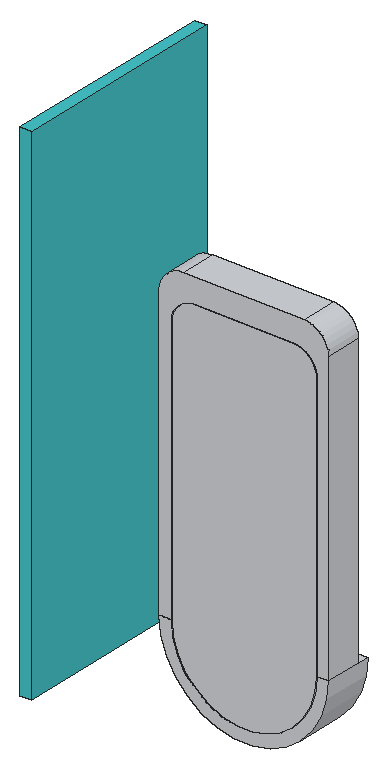
Revit family "Urinal Screen-3D w Urinal", category Specialty Equipment, host Wall, Revit 2021
Family settings
  Host = Wall
  Round Connector Dimension = Use Diameter
  Part Type = Normal
  Always vertical = Yes
  Cut with Voids When Loaded = No
  Shared = Yes
  Room Calculation Point = No
Parameters (values of type "36" O.C.")
  Toilet Partition Material = Toilet Partition
  O.C. = 3' - 0"
  Depth = 1' - 6"
  Default Elevation = 0' - 0"
  Assembly Code = "C1030100"
Reference planes (in)
  plane 1: y = 0
  plane 2 "Center (Left/Right)": x = 0
  plane 3 "Back": y = 3
  plane 4: x = 36
  plane 5: y = 21
  plane 6: x = -0.5
  plane 7: x = 0.5
  plane 8: z = 14
  plane 9: z = 56
  plane 10: x = 18
Forms (in)
  Extrusion 1, solid, material "Toilet Partition" <- "Toilet Partition Material"
    sketch origin (0, 3, 0) x (1, 0, 0) y (0, 0, 1)
      loop
        line (0.5, 56) -> (-0.5, 56) -> (-0.5, 14) -> (0.5, 14) -> (0.5, 56)
    from -18 to 0
Lines and regions (in)
  symbolic lines, style "Toilet Accessories"
    curve 1: line (0.5, 3, 0) -> (-0.5, 3, 0)
    curve 2: line (0.5, 21, 0) -> (0.5, 3, 0)
    curve 3: line (-0.5, 21, 0) -> (0.5, 21, 0)
    curve 4: line (-0.5, 3, 0) -> (-0.5, 21, 0)
  model lines, style "InvisibleLines"
    curve 5: line (0, 3, 0) -> (0, 21, 0)
    curve 6: line (36, 3, 0) -> (36, 21, 0)
Text (in)
  text "Placement Side" at (0, 10.96353, 123.01588), in view "Right"
  text "Placement Side" at (-25.70696, 37.21974, 0), in view "Ref. Level"
  text "Placement Side" at (0, 47.49176, 91.71242), in view "Left"
Dimensions and locks (in)
  locked: plane 3 "Back" to host wall
  "O.C.": plane 2 "Center (Left/Right)" to plane 4
  locked: plane 2 "Center (Left/Right)" to plane 7 at 0.5
  locked: plane 6 to plane 2 "Center (Left/Right)" at 0.5
  locked: plane 8 to plane 9 at 42
  locked: level to plane 8 at 14
  "Depth": plane 5 to plane 3 "Back"
  equal spacing: plane 2 "Center (Left/Right)", plane 10, plane 4
  aligned and locked: plane 8 to Extrusion 1 sketch curve
  aligned and locked: plane 9 to Extrusion 1 sketch curve
  aligned and locked: plane 6 to Extrusion 1 sketch curve
  aligned and locked: Extrusion 1 sketch curve to plane 7
  aligned and locked: plane 5 to Extrusion 1
  aligned and locked: plane 3 "Back" to Extrusion 1
  aligned and locked: Extrusion 1 to curve 1
  aligned and locked: curve 1 to Extrusion 1
  aligned and locked: curve 4 to Extrusion 1  (x2)
  aligned and locked: plane 2 "Center (Left/Right)" to curve 5
  aligned and locked: plane 10 to nested 1
  aligned and locked: plane 3 "Back" to nested 1
Automatic sketch dimensions
  curve 6 to plane 4 = 0' - 0"
  curve 6 to host wall = 0' - 0"
  curve 6 to plane 5 = 0' - 0"
Nested families (in)
  nested 1: "Urinal-Wall-3D" at (22.29428, 0, 0), type "Urinal-Wall-3D"
Definition of nested family "Urinal-Wall-3D"
  Parameters
    Default Elevation = 0' - 0"
    Assembly Code = "D2010210"
    Bowl Height = 2' - 0"
    Urinal Material = none
  Reference planes (in)
    plane 1: y = 0
    plane 2 "Center (Left/Right)": x = -4.29428
    plane 3: y = 3
    plane 4: z = 24
  Forms (in)
    Revolve 1, solid
      sketch origin (0, 0, 24) x (1, 0, 0) y (0, 1, 0)
        loop
          arc (1.70572, 7) -> (-0.89166, 9.35785) -> (-4.29428, 10.2111) r 7.2111
          line (-4.29428, 10.2111) -> (-4.29428, 9.27735)
          arc (-4.29428, 9.27735) -> (-0.56456, 8.04919) -> (1.70572, 4.8453) r 6.27735
          line (1.70572, 4.8453) -> (1.70572, 3) -> (2.70572, 3) -> (2.70572, 7) -> (1.70572, 7)
        axis (-4.29428, 10.2111) -> (-4.29428, 3)
      angle from 0 to 180
    Extrusion 2, solid
      sketch origin (-60, 3, 0) x (-1, 0, 0) y (0, 0, 1)
        loop
          arc (-61.70572, 24) -> (-55.70572, 18) -> (-49.70572, 24) r 6
          line (-49.70572, 24) -> (-49.70572, 46)
          arc (-49.70572, 46) -> (-50.29151, 47.41421) -> (-51.70572, 48) r 2
          line (-51.70572, 48) -> (-59.70572, 48)
          arc (-59.70572, 48) -> (-61.11994, 47.41421) -> (-61.70572, 46) r 2
          line (-61.70572, 46) -> (-61.70572, 24)
      from 0 to 0.5
    Extrusion 3, solid
      sketch origin (-60, 3, 0) x (-1, 0, 0) y (0, 0, 1)
        loop
          line (-62.70572, 24) -> (-61.70572, 24) -> (-61.70572, 46)
          arc (-61.70572, 46) -> (-61.11994, 47.41421) -> (-59.70572, 48) r 2
          line (-59.70572, 48) -> (-51.70572, 48)
          arc (-51.70572, 48) -> (-50.29151, 47.41421) -> (-49.70572, 46) r 2
          line (-49.70572, 46) -> (-49.70572, 24) -> (-48.70572, 24) -> (-48.70572, 48)
          arc (-48.70572, 48) -> (-49.29151, 49.41421) -> (-50.70572, 50) r 2
          line (-50.70572, 50) -> (-60.70572, 50)
          arc (-60.70572, 50) -> (-62.11994, 49.41421) -> (-62.70572, 48) r 2
          line (-62.70572, 48) -> (-62.70572, 24)
      from 0 to 3
  Lines and regions (in)
    symbolic lines
      curve 1: line (-10.29428, 3, 0) -> (-11.29428, 3, 0)
      curve 2: line (-10.29428, 7, 0) -> (-10.29428, 3, 0)
      curve 3: line (-11.29428, 7, 0) -> (-10.29428, 7, 0)
      curve 4: line (-11.29428, 3, 0) -> (-11.29428, 7, 0)
      curve 5: line (1.70572, 3, 0) -> (2.72597, 3, 0)
      curve 6: line (1.70572, 7, 0) -> (1.70572, 3, 0)
      curve 7: line (2.72597, 7, 0) -> (1.70572, 7, 0)
      curve 8: line (2.72597, 3, 0) -> (2.72597, 7, 0)
      curve 9: arc (-10.29428, 7, 0) -> (-4.29428, 10.39445, 0) -> (1.70572, 7, 0) r 7
      curve 10: line (-10.29428, 3, 0) -> (1.70572, 3, 0)
      curve 11: line (-10.29428, 5, 0) -> (-10.29428, 3, 0)
      curve 12: line (1.70572, 5, 0) -> (-10.29428, 5, 0)
      curve 13: line (1.70572, 3, 0) -> (1.70572, 5, 0)
  Text (in)
    text "Interior" at (0, 11.8999, 78.91585), in view "Right"
    text "Interior" at (-28.35593, 19.89842, 0), in view "Floor Line"
    text "Interior" at (0, 37.99176, 69.34947), in view "Left"
  Dimensions and locks (in)
    "Bowl Height": level to plane 4
    aligned and locked: plane 3 to host wall
  Automatic sketch dimensions
    Revolve 1 sketch curve to plane 2 "Center (Left/Right)" = 0' - 0"  (x2)
    Revolve 1 sketch curve to plane 3 = 0' - 0"  (x3)
    Revolve 1 sketch curve to plane 2 "Center (Left/Right)" = 0' - 6"
    Revolve 1 sketch curve to Revolve 1 sketch curve = 0' - 0"
    Revolve 1 sketch curve to Revolve 1 sketch curve = 0' - 1"
    Revolve 1 sketch curve to Revolve 1 sketch curve = 0' - 1.8453"
    Revolve 1 sketch curve to Revolve 1 sketch curve = 0' - 2.1547"
    Revolve 1 sketch curve to Revolve 1 sketch curve = 0' - 2.17513"
    Revolve 1 sketch curve to Revolve 1 sketch curve = 0' - 2"
    curve 9 to plane 2 "Center (Left/Right)" = 0' - 0"
    curve 6 to plane 3 = 0' - 0"
    plane 2 "Center (Left/Right)" to curve 1 = 0' - 6"
    curve 4 to curve 3 = 0' - 1"
    curve 6 to plane 2 "Center (Left/Right)" = 0' - 6"
    curve 5 to curve 5 = 0' - 1.02025"
    curve 9 to plane 3 = 0' - 0.39445"
    curve 10 to curve 13 = 0' - 2"
    curve 12 to curve 9 = 0' - 2"
    Extrusion 2 sketch curve to plane 4 = 0' - 0"
    Extrusion 2 sketch curve to plane 2 "Center (Left/Right)" = 0' - 0"
    Extrusion 2 sketch curve to plane 2 "Center (Left/Right)" = 0' - 4"
    Extrusion 2 sketch curve to Extrusion 2 sketch curve = 0' - 2"  (x2)
    Extrusion 2 sketch curve to Extrusion 2 sketch curve = 1' - 10"
    Extrusion 3 sketch curve to plane 4 = 0' - 0"  (x2)
    Extrusion 3 sketch curve to plane 2 "Center (Left/Right)" = 0' - 7"
    Extrusion 3 sketch curve to Extrusion 3 sketch curve = 0' - 1"  (x3)
    Extrusion 3 sketch curve to Extrusion 3 sketch curve = 0' - 2"  (x3)
    plane 2 "Center (Left/Right)" to Extrusion 3 sketch curve = 0' - 4"
    plane 2 "Center (Left/Right)" to Extrusion 3 sketch curve = 0' - 6"
    Extrusion 3 sketch curve to Extrusion 3 sketch curve = 1' - 10"
